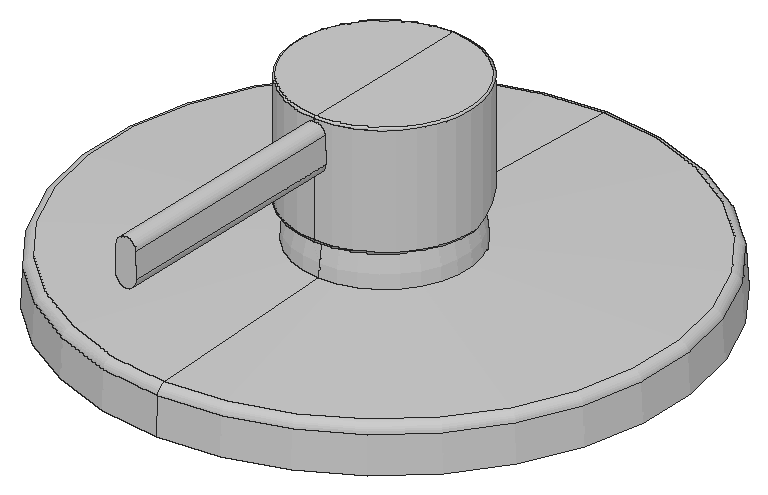
Revit family "Sanitary_Taps-mixers_hansgrohe_74616AUS-Zesis-S-Single-lever-shower-mixer_concealed-installation_iBox-universal", category Plumbing Fixtures, host Face, Revit 2022
Family settings
  Host = Face
  Round Connector Dimension = Use Diameter
  Part Type = Normal
  OmniClass Number = 23.31.11.00
  OmniClass Title = Faucets
  Cut with Voids When Loaded = Yes
  Maintain Annotation Orientation = No
  Shared = No
  Room Calculation Point = No
Parameters (values of type "003 Chrome")
  Version = 1  # constant formula
  URL = "https://www.hansgrohe.com/"
  Product data url = "https://www.bimobject.com/en/hansgrohe/product/74616AUS"
  Product Page URL = "https://www.hansgrohe.com/articledetail--74616003"
  Model = "74616AUS"  # constant formula
  Material 1 = Hansgrohe - Metal - 003 Chrome
  Manufacturer = "Hansgrohe"  # constant formula
  Description = "Zesis S Single lever shower mixer for concealed installation for iBox universal"  # constant formula
  Default Elevation = 0 mm
  Date Updated = ""
  Date Created = "2024/12/16"  # constant formula
Types (3, lengths in mm): name | Material 1
  (no name) | Hansgrohe - Metal - 003 Chrome
  003 Chrome | Hansgrohe - Metal - 003 Chrome
  673 Matt Black | Hansgrohe - Metal - 673 Matt Black
Reference planes
  plane 1 "Center (Front/Back)": y = 0
  plane 2: z = 0
  plane 3 "Center (Left/Right)": x = 0
Forms (mm)
  Revolve 1, solid, material "Hansgrohe - Metal - 003 Chrome" <- "Material 1", detail levels fine
    sketch origin (0, 0, 0) x (0, 1, 0) y (0, 0, 1)
      loop
        line (0, 0) -> (74.941, 0) -> (74.448, 9.406)
        arc (74.448, 9.406) -> (73.752, 11.01) -> (72.175, 11.765) r 2.5
        arc (72.175, 11.765) -> (36.124, 14.191) -> (0, 15) r 806.803
        line (0, 15) -> (0, 0)
      axis (0, 15) -> (0, 0)
    angle from 0 to 360
  Revolve 2, solid, material "Hansgrohe - Metal - 003 Chrome" <- "Material 1", detail levels fine
    sketch origin (0, 34.048, -4) x (0, 1, 0) y (0, 0, 1)
      loop
        line (-34.048, 8.388) -> (-12.298, 8.388) -> (-12.298, 15.388)
        arc (-12.298, 15.388) -> (-13.657, 25.86) -> (-17.645, 35.638) r 41.02
        line (-17.645, 35.638) -> (-34.048, 35.638) -> (-34.048, 8.388)
      axis (-34.048, 35.638) -> (-34.048, 8.388)
    angle from 0 to 360
  Extrusion 3, void
    sketch origin (0, 34.048, -4) x (0, 1, 0) y (0, 0, 1)
      loop
        line (0, 37.41) -> (-39.523, 25.326) -> (0, 25.326) -> (0, 37.41)
    from -25 to 25
  Revolve 4, solid, material "Hansgrohe - Metal - 003 Chrome" <- "Material 1", detail levels fine
    sketch origin (0, 34.048, -4) x (0, 1, 0) y (0, 0, 1)
      loop
        line (-34.048, 27) -> (-11.548, 27)
        arc (-11.548, 27) -> (-11.194, 27.146) -> (-11.048, 27.5) r 0.5
        line (-11.048, 27.5) -> (-11.048, 56.138)
        arc (-11.048, 56.138) -> (-11.194, 56.492) -> (-11.548, 56.638) r 0.5
        line (-11.548, 56.638) -> (-34.048, 56.638) -> (-34.048, 27)
      axis (-34.048, 56.638) -> (-34.048, 27)
    angle from 0 to 360
  Sweep 5, solid, material "Hansgrohe - Metal - 003 Chrome" <- "Material 1", detail levels fine
    path origin (0, 34.048, -4) x (0, 1, 0) y (0, 0, 1)
      loop
        line (-118.95, 49.596) -> (-33.95, 49.596)
    profile origin (0, -84.902, 45.596) x (0, 0, 1) y (1, 0, 0)
      loop
        line (-3.298, -2.749) -> (3.315, -2.634)
        arc (3.315, -2.634) -> (5.904, 0) -> (3.315, 2.634) r 2.634
        line (3.315, 2.634) -> (-3.298, 2.749)
        arc (-3.298, 2.749) -> (-6.096, 0) -> (-3.298, -2.749) r 2.75
  Revolve 6, solid, material "Hansgrohe - Metal - 003 Chrome" <- "Material 1", detail levels coarse+medium
    sketch origin (0, 0, 0) x (0, 1, 0) y (0, 0, 1)
      loop
        line (0, 0) -> (74.941, 0) -> (74.941, 15) -> (0, 15) -> (0, 0)
      axis (0, 15) -> (0, 0)
    angle from 0 to 360
  Revolve 7, solid, material "Hansgrohe - Metal - 003 Chrome" <- "Material 1", detail levels medium
    sketch origin (0, 34.048, -4) x (0, 1, 0) y (0, 0, 1)
      loop
        line (-34.048, 8.388) -> (-12.301, 8.388) -> (-12.301, 27) -> (-11.048, 27) -> (-11.048, 56.638) -> (-34.048, 56.638) -> (-34.048, 8.388)
      axis (-34.048, 56.638) -> (-34.048, 8.388)
    angle from 0 to 360
  Sweep 8, solid, material "Hansgrohe - Metal - 003 Chrome" <- "Material 1", detail levels coarse+medium
    path origin (0, 34.048, -4) x (0, 1, 0) y (0, 0, 1)
      loop
        line (-118.95, 49.596) -> (-33.95, 49.596)
    profile origin (0, -84.902, 45.596) x (0, 0, 1) y (1, 0, 0)
      loop
        line (-6.096, -2.749) -> (5.904, -2.749) -> (5.904, 2.749) -> (-6.096, 2.749) -> (-6.096, -2.749)
  Revolve 9, solid, material "Hansgrohe - Metal - 003 Chrome" <- "Material 1", detail levels coarse
    sketch origin (0, 34.048, -4) x (0, 1, 0) y (0, 0, 1)
      loop
        line (-34.048, 8.388) -> (-11.048, 8.388) -> (-11.048, 56.638) -> (-34.048, 56.638) -> (-34.048, 8.388)
      axis (-34.048, 56.638) -> (-34.048, 8.388)
    angle from 0 to 360
Cuts and joins
  Extrusion 3 cuts Revolve 4
  joined: Revolve 2, Revolve 4, Sweep 5
Lines and regions (mm)
  Masking region 1
    outline origin (0, 0, 0) x (0, 1, 0) y (0, 0, 1)
      loop
        arc (21.615, 14.71) -> (20.416, 21.766) -> (18.008, 28.506) r 41.02
        line (18.008, 28.506) -> (23, 30.032) -> (23, 52.138)
        arc (23, 52.138) -> (22.854, 52.492) -> (22.5, 52.638) r 0.5
        line (22.5, 52.638) -> (0, 52.638) -> (-23, 52.638) -> (-23, 51.5) -> (-84.902, 51.5) -> (-84.902, 39.5) -> (-23, 39.5) -> (-23, 22.995) -> (-20.074, 22.995)
        arc (-20.074, 22.995) -> (-21.058, 18.893) -> (-21.615, 14.71) r 41.02
        arc (-21.615, 14.71) -> (-46.918, 13.635) -> (-72.175, 11.765) r 806.803
        arc (-72.175, 11.765) -> (-73.752, 11.01) -> (-74.448, 9.406) r 2.5
        line (-74.448, 9.406) -> (-74.941, 0) -> (0, 0) -> (74.941, 0) -> (74.448, 9.406)
        arc (74.448, 9.406) -> (73.752, 11.01) -> (72.175, 11.765) r 2.5
        arc (72.175, 11.765) -> (46.918, 13.635) -> (21.615, 14.71) r 806.803
  Masking region 2
    outline origin (0, 0, 0) x (1, 0, 0) y (0, 0, 1)
      loop
        line (0, 52.638) -> (-22.5, 52.638)
        arc (-22.5, 52.638) -> (-22.854, 52.492) -> (-23, 52.138) r 0.5
        line (-23, 52.138) -> (-23, 23.5)
        arc (-23, 23.5) -> (-22.854, 23.146) -> (-22.5, 23) r 0.5
        line (-22.5, 23) -> (-20.072, 23)
        arc (-20.072, 23) -> (-21.057, 18.895) -> (-21.615, 14.71) r 41.02
        arc (-21.615, 14.71) -> (-46.918, 13.635) -> (-72.175, 11.765) r 806.803
        arc (-72.175, 11.765) -> (-73.752, 11.01) -> (-74.448, 9.406) r 2.5
        line (-74.448, 9.406) -> (-74.941, 0) -> (0, 0) -> (74.941, 0) -> (74.448, 9.406)
        arc (74.448, 9.406) -> (73.752, 11.01) -> (72.175, 11.765) r 2.5
        arc (72.175, 11.765) -> (46.918, 13.635) -> (21.615, 14.71) r 806.803
        arc (21.615, 14.71) -> (21.057, 18.895) -> (20.072, 23) r 41.02
        line (20.072, 23) -> (22.5, 23)
        arc (22.5, 23) -> (22.854, 23.146) -> (23, 23.5) r 0.5
        line (23, 23.5) -> (23, 52.138)
        arc (23, 52.138) -> (22.854, 52.492) -> (22.5, 52.638) r 0.5
        line (22.5, 52.638) -> (0, 52.638)
  Masking region 3
    outline origin (0, 0, 0) x (1, 0, 0) y (0, 1, 0)
      loop
        arc (2.75, -74.891) -> (0, 74.941) -> (-2.75, -74.891) r 74.941
        line (-2.75, -74.891) -> (-2.75, -84.902) -> (2.75, -84.902) -> (2.75, -74.891)
  symbolic lines, detail levels medium+fine
    curve 1: line (0, -0.015, 22.995) -> (0, -20.074, 22.995)
    curve 2: line (0, 18.008, 28.506) -> (0, -0.015, 22.995)
    curve 3: line (0, -23, 39.5) -> (0, -23, 51.5)
    curve 4: arc (0, -21.615, 14.71) -> (0, 0, 15) -> (0, 21.615, 14.71) r 806.803
    curve 5: circle (0, 0, 0) r 23 normal (0, 0, 1)
    curve 6: line (-2.75, -74.936, 0) -> (-2.75, -22.835, 0)
    curve 7: line (2.75, -74.891, 0) -> (2.75, -22.835, 0)
    curve 8: spline (0, 0, 30.045) -> (2.925, 0, 29.972) -> (5.795, 0, 29.792) -> (8.566, 0, 29.51) -> (11.195, 0, 29.128) -> (13.64, 0, 28.653) -> (15.863, 0, 28.092) -> (17.829, 0, 27.455) -> (19.508, 0, 26.751) -> (20.873, 0, 25.991) -> (21.902, 0, 25.188) -> (22.58, 0, 24.353) -> (22.896, 0, 23.499)
    curve 9: spline (20.051, 0, 23) -> (19.71, 0, 23.729) -> (19.064, 0, 24.44) -> (18.123, 0, 25.123) -> (16.901, 0, 25.766) -> (15.417, 0, 26.36) -> (13.693, 0, 26.896) -> (11.756, 0, 27.366) -> (9.636, 0, 27.763) -> (7.365, 0, 28.08) -> (4.977, 0, 28.312) -> (2.51, 0, 28.457) -> (0, 0, 28.512)
    curve 10: arc (21.615, 0, 14.71) -> (0, 0, 15) -> (-21.615, 0, 14.71) r 806.803
    curve 11: spline (0, 0, 30.045) -> (-2.925, 0, 29.972) -> (-5.795, 0, 29.792) -> (-8.566, 0, 29.51) -> (-11.195, 0, 29.128) -> (-13.64, 0, 28.653) -> (-15.863, 0, 28.092) -> (-17.829, 0, 27.455) -> (-19.508, 0, 26.751) -> (-20.873, 0, 25.991) -> (-21.902, 0, 25.188) -> (-22.58, 0, 24.353) -> (-22.896, 0, 23.499)
    curve 12: spline (-20.051, 0, 23) -> (-19.71, 0, 23.729) -> (-19.064, 0, 24.44) -> (-18.123, 0, 25.123) -> (-16.901, 0, 25.766) -> (-15.417, 0, 26.36) -> (-13.693, 0, 26.896) -> (-11.756, 0, 27.366) -> (-9.636, 0, 27.763) -> (-7.365, 0, 28.08) -> (-4.977, 0, 28.312) -> (-2.51, 0, 28.457) -> (0, 0, 28.512)
Dimensions and locks
  aligned and locked: plane 2 to host face
  aligned and locked: level to host face
